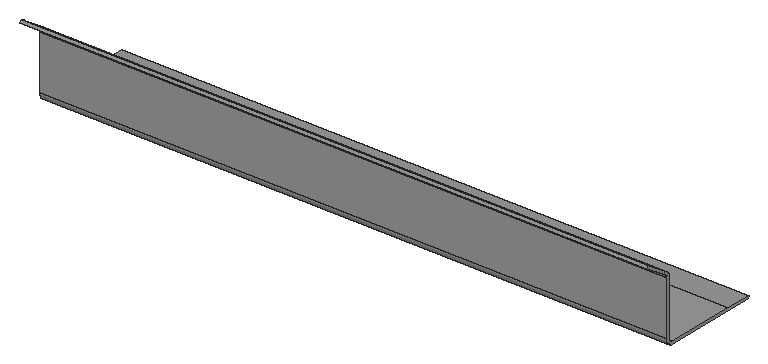
Revit family "SBK 600-900", category Generic Models, Revit 2014
Parameters (values of type "Corrosion")
  URL = "http://www.keystonelintels.co.uk"
  Structural Opening [instance] = 300 mm
  Structural Performance = "The Keystone lintel range has safe working loads as detailed in each applicable loading table in the Keystone Lintel Guide brochure. The structural performance figures within each table have been ascertained by testing in accordance with the requirements of standards BS EN 5977-2: 1983 and BS EN 845-2: 2003."
  RIBA Productor Selector = "available for Keystone Lintels Ltd from Keystone Lintels Ltd from ribaproductselector.com"
  Model = "SB/K 600-900"
  Min Length = 600 mm
  Min Clear Span = 300 mm
  Max Length = 900 mm
  Max Clear Span = 4800 mm
  Material - Stainless Steel = "Grade 304 2b 1.4307 to BS EN 10088-2. Other grades available on request: contact manufacturer."
  Material - Galvanised Steel = "To BS EN 10346: 2009. DX51D plus Z600 or grade Z275 to BS 5977-2: 1983 (BS EN 845-2: 2003)."
  Manufacturer = "Keystone"
  Manufactured Length [instance] = (roundup(Effective Length / 150 mm) * 150 mm)  # 600 mm
  Lintel height [instance] = 2100 mm
  Keynote = "F30/755"
  Fire Performance = "Keystone lintels have been subjected to a fire test (WARRES No. 101263) in accordance with BS 476-20: 1987, at Exova Warrington Fire and achieved a one hour fire performance."
  End Bearing = 150 mm
  Effective Length [instance] = Clear Opening with MIN MAX set + End Bearing * 2  # 600 mm
  Corrosion = "Keystone’s standard range of lintels are manufactured from high quality grade pre-galvanized carbon steel with a zinc coating of 600"
  Contact Tel = "+44 (0)28 8676 2184"
  Contact Email = "info@keystonelintels.co.uk"
  Clear Opening with MIN MAX set [instance] = if(Structural Opening < Min Clear Span, Min Clear Span, (if(Structural Opening > Max Clear Span, Max Clear Span, Structural Opening)))  # 300 mm
  CPD Information = "Available for Keystone Lintels Ltd from ribacpd.com"
Reference planes
  plane 1 "Center (Front/Back)": y = 0
  plane 2: z = 0
  plane 3 "Center (Left/Right)": x = 0
  plane 4: x = -300
  plane 5: x = 300
  plane 6: z = 2100
  plane 7: x = -150
  plane 8: x = 150
Forms (mm)
  Extrusion 1, solid, not visible
    sketch origin (0, 848.308, 1157.631) x (0, 1, 0) y (0, 0, 1)
      loop
        line (-693.236, 1000.08) -> (-758.243, 1000.08)
        arc (-758.243, 1000.08) -> (-761.496, 1001.427) -> (-762.843, 1004.68) r 4.6
        line (-762.843, 1004.68) -> (-762.843, 1217.08)
        arc (-762.843, 1217.08) -> (-761.496, 1220.333) -> (-758.243, 1221.68) r 4.6
        line (-758.243, 1221.68) -> (-691.243, 1221.68) -> (-691.243, 1224.18) -> (-758.243, 1224.18)
        arc (-758.243, 1224.18) -> (-763.547, 1221.983) -> (-765.743, 1216.68) r 7.5
        line (-765.743, 1216.68) -> (-765.743, 1004.68)
        arc (-765.743, 1004.68) -> (-763.547, 999.377) -> (-758.243, 997.18) r 7.5
        line (-758.243, 997.18) -> (-693.287, 997.18) -> (-668.331, 996.302) -> (-668.229, 999.2) -> (-693.236, 1000.08)
    from 0 to 250
  Extrusion 2, solid, not visible
    sketch origin (0, 837.601, 1167.042) x (0, 1, 0) y (0, 0, 1)
      loop
        line (-693.236, 999.68) -> (-758.236, 999.68)
        arc (-758.236, 999.68) -> (-761.772, 1001.144) -> (-763.236, 1004.68) r 5
        line (-763.236, 1004.68) -> (-763.236, 1216.68)
        arc (-763.236, 1216.68) -> (-761.772, 1220.215) -> (-758.236, 1221.68) r 5
        line (-758.236, 1221.68) -> (-691.236, 1221.68) -> (-691.236, 1224.18) -> (-758.236, 1224.18)
        arc (-758.236, 1224.18) -> (-763.539, 1221.983) -> (-765.736, 1216.68) r 7.5
        line (-765.736, 1216.68) -> (-765.736, 1004.68)
        arc (-765.736, 1004.68) -> (-763.539, 999.377) -> (-758.236, 997.18) r 7.5
        line (-758.236, 997.18) -> (-693.28, 997.18) -> (-668.324, 996.302) -> (-668.236, 998.801) -> (-693.236, 999.68)
    from 0 to 250
  Extrusion 3, solid, not visible
    sketch origin (0, 821.052, 1152.899) x (0, 1, 0) y (0, 0, 1)
      loop
        line (-693.236, 1000.08) -> (-758.243, 1000.08)
        arc (-758.243, 1000.08) -> (-761.496, 1001.427) -> (-762.843, 1004.68) r 4.6
        line (-762.843, 1004.68) -> (-762.843, 1217.08)
        arc (-762.843, 1217.08) -> (-761.496, 1220.333) -> (-758.243, 1221.68) r 4.6
        line (-758.243, 1221.68) -> (-691.243, 1221.68) -> (-691.243, 1224.18) -> (-758.243, 1224.18)
        arc (-758.243, 1224.18) -> (-763.547, 1221.983) -> (-765.743, 1216.68) r 7.5
        line (-765.743, 1216.68) -> (-765.743, 1004.68)
        arc (-765.743, 1004.68) -> (-763.547, 999.377) -> (-758.243, 997.18) r 7.5
        line (-758.243, 997.18) -> (-693.287, 997.18) -> (-668.331, 996.302) -> (-668.229, 999.2) -> (-693.236, 1000.08)
    from 0 to 250
  Extrusion 4, solid, not visible
    sketch origin (0, 820.552, 1172.14) x (0, 1, 0) y (0, 0, 1)
      loop
        line (-693.236, 1000.38) -> (-758.248, 1000.38)
        arc (-758.248, 1000.38) -> (-761.289, 1001.639) -> (-762.548, 1004.68) r 4.3
        line (-762.548, 1004.68) -> (-762.548, 1216.68)
        arc (-762.548, 1216.68) -> (-761.289, 1219.72) -> (-758.249, 1220.98) r 4.3
        line (-758.249, 1220.98) -> (-691.248, 1220.98) -> (-691.248, 1224.18) -> (-758.248, 1224.18)
        arc (-758.248, 1224.18) -> (-763.552, 1221.983) -> (-765.748, 1216.68) r 7.5
        line (-765.748, 1216.68) -> (-765.748, 1004.68)
        arc (-765.748, 1004.68) -> (-763.552, 999.377) -> (-758.248, 997.18) r 7.5
        line (-758.248, 997.18) -> (-693.292, 997.18) -> (-668.336, 996.302) -> (-668.224, 999.5) -> (-693.236, 1000.38)
    from 0 to 250
  Extrusion 5, solid, material "Steel"
    sketch origin (0, 754.069, -570.68) x (0, 1, 0) y (0, 0, 1)
      loop
        line (-656.595, 2669.802) -> (-656.507, 2672.301) -> (-681.507, 2673.18) -> (-746.569, 2673.18)
        arc (-746.569, 2673.18) -> (-750.105, 2674.644) -> (-751.569, 2678.18) r 5
        line (-751.569, 2678.18) -> (-751.569, 2730.977)
        arc (-751.569, 2730.977) -> (-752.19, 2733.517) -> (-753.914, 2735.483) r 5.5
        line (-753.914, 2735.483) -> (-776.031, 2750.68) -> (-777.465, 2748.632) -> (-755.341, 2733.429)
        arc (-755.341, 2733.429) -> (-754.406, 2732.358) -> (-754.069, 2730.977) r 3
        line (-754.069, 2730.977) -> (-754.069, 2678.18)
        arc (-754.069, 2678.18) -> (-751.872, 2672.877) -> (-746.569, 2670.68) r 7.5
        line (-746.569, 2670.68) -> (-681.551, 2670.68) -> (-656.595, 2669.802)
    from -300 to 300
  Extrusion 6, solid, not visible
    sketch origin (0, 803.029, 351.159) x (0, 1, 0) y (0, 0, 1)
      loop
        line (-656.595, 1069.802) -> (-656.507, 1072.301) -> (-681.507, 1073.18) -> (-746.569, 1073.18)
        arc (-746.569, 1073.18) -> (-750.105, 1074.644) -> (-751.569, 1078.18) r 5
        line (-751.569, 1078.18) -> (-751.569, 1130.977)
        arc (-751.569, 1130.977) -> (-752.19, 1133.517) -> (-753.914, 1135.483) r 5.5
        line (-753.914, 1135.483) -> (-776.031, 1150.68) -> (-777.465, 1148.632) -> (-755.341, 1133.429)
        arc (-755.341, 1133.429) -> (-754.406, 1132.358) -> (-754.069, 1130.977) r 3
        line (-754.069, 1130.977) -> (-754.069, 1078.18)
        arc (-754.069, 1078.18) -> (-751.872, 1072.877) -> (-746.569, 1070.68) r 7.5
        line (-746.569, 1070.68) -> (-681.551, 1070.68) -> (-656.595, 1069.802)
    from 0 to 250
Dimensions and locks
  equal spacing: plane 4, plane 3 "Center (Left/Right)", plane 5
  "Manufactured Length": plane 4 to plane 5
  "Lintel height": plane 6 to level
  "Structural Opening": plane 7 to plane 8
  equal spacing: plane 7, plane 3 "Center (Left/Right)", plane 8
  aligned and locked: level to plane 2
  aligned and locked: Extrusion 5 to plane 6
  aligned and locked: plane 5 to Extrusion 5
  aligned and locked: Extrusion 5 to plane 4
Automatic sketch dimensions
  Extrusion 1 sketch curve to Extrusion 1 sketch curve = 65.007 mm
  Extrusion 1 sketch curve to Extrusion 1 sketch curve = 0.879 mm
  Extrusion 1 sketch curve to Extrusion 1 sketch curve = 4.6 mm  (x2)
  Extrusion 1 sketch curve to Extrusion 1 sketch curve = 212.4 mm
  Extrusion 1 sketch curve to Extrusion 1 sketch curve = 67 mm
  Extrusion 1 sketch curve to Extrusion 1 sketch curve = 2.5 mm
  Extrusion 1 sketch curve to Extrusion 1 sketch curve = 0 mm  (x5)
  Extrusion 1 sketch curve to Extrusion 1 sketch curve = 0.4 mm
  Extrusion 1 sketch curve to Extrusion 1 sketch curve = 0.051 mm
  Extrusion 1 sketch curve to Extrusion 1 sketch curve = 0.102 mm
  Extrusion 2 sketch curve to Extrusion 2 sketch curve = 65 mm
  Extrusion 2 sketch curve to Extrusion 2 sketch curve = 0.879 mm
  Extrusion 2 sketch curve to Extrusion 2 sketch curve = 5 mm  (x2)
  Extrusion 2 sketch curve to Extrusion 2 sketch curve = 212 mm
  Extrusion 2 sketch curve to Extrusion 2 sketch curve = 67 mm
  Extrusion 2 sketch curve to Extrusion 2 sketch curve = 0.044 mm
  Extrusion 2 sketch curve to Extrusion 2 sketch curve = 0.088 mm
  Extrusion 2 sketch curve to Extrusion 2 sketch curve = 2.498 mm
  Extrusion 2 sketch curve to Extrusion 2 sketch curve = 0 mm  (x8)
  Extrusion 3 sketch curve to Extrusion 3 sketch curve = 0.102 mm
  Extrusion 3 sketch curve to Extrusion 3 sketch curve = 25.007 mm
  Extrusion 3 sketch curve to Extrusion 3 sketch curve = 2.898 mm
  Extrusion 3 sketch curve to Extrusion 3 sketch curve = 0.051 mm
  Extrusion 3 sketch curve to Extrusion 3 sketch curve = 64.956 mm
  Extrusion 3 sketch curve to Extrusion 3 sketch curve = 0 mm  (x5)
  Extrusion 3 sketch curve to Extrusion 3 sketch curve = 4.6 mm  (x2)
  Extrusion 3 sketch curve to Extrusion 3 sketch curve = 212.4 mm
  Extrusion 3 sketch curve to Extrusion 3 sketch curve = 0.4 mm
  Extrusion 3 sketch curve to Extrusion 3 sketch curve = 67 mm
  Extrusion 4 sketch curve to Extrusion 4 sketch curve = 65.012 mm
  Extrusion 4 sketch curve to Extrusion 4 sketch curve = 25.012 mm
  Extrusion 4 sketch curve to Extrusion 4 sketch curve = 0.88 mm
  Extrusion 4 sketch curve to Extrusion 4 sketch curve = 0.112 mm
  Extrusion 4 sketch curve to Extrusion 4 sketch curve = 0.056 mm
  Extrusion 4 sketch curve to Extrusion 4 sketch curve = 0 mm  (x6)
  Extrusion 4 sketch curve to Extrusion 4 sketch curve = 4.3 mm  (x2)
  Extrusion 4 sketch curve to Extrusion 4 sketch curve = 212 mm
  Extrusion 4 sketch curve to Extrusion 4 sketch curve = 67 mm
  Extrusion 5 sketch curve to Extrusion 5 sketch curve = 24.956 mm
  Extrusion 5 sketch curve to Extrusion 5 sketch curve = 0.088 mm
  Extrusion 5 sketch curve to Extrusion 5 sketch curve = 0.878 mm
  Extrusion 5 sketch curve to Extrusion 5 sketch curve = 0.044 mm
  Extrusion 5 sketch curve to Extrusion 5 sketch curve = 65.062 mm
  Extrusion 5 sketch curve to Extrusion 5 sketch curve = 0 mm  (x8)
  Extrusion 5 sketch curve to Extrusion 5 sketch curve = 5 mm
  Extrusion 5 sketch curve to Extrusion 5 sketch curve = 52.797 mm
  Extrusion 5 sketch curve to Extrusion 5 sketch curve = 3 mm
  Extrusion 5 sketch curve to Extrusion 5 sketch curve = 1.272 mm
  Extrusion 5 sketch curve to Extrusion 5 sketch curve = 1.426 mm
  Extrusion 5 sketch curve to Extrusion 5 sketch curve = 22.117 mm
  Extrusion 5 sketch curve to Extrusion 5 sketch curve = 15.197 mm
  Extrusion 5 sketch curve to Extrusion 5 sketch curve = 1.434 mm
  Extrusion 5 sketch curve to Extrusion 5 sketch curve = 2.048 mm
  Extrusion 6 sketch curve to Extrusion 6 sketch curve = 24.956 mm
  Extrusion 6 sketch curve to Extrusion 6 sketch curve = 0.088 mm
  Extrusion 6 sketch curve to Extrusion 6 sketch curve = 0.878 mm
  Extrusion 6 sketch curve to Extrusion 6 sketch curve = 0.044 mm
  Extrusion 6 sketch curve to Extrusion 6 sketch curve = 65.062 mm
  Extrusion 6 sketch curve to Extrusion 6 sketch curve = 0 mm  (x8)
  Extrusion 6 sketch curve to Extrusion 6 sketch curve = 5 mm
  Extrusion 6 sketch curve to Extrusion 6 sketch curve = 52.797 mm
  Extrusion 6 sketch curve to Extrusion 6 sketch curve = 3 mm
  Extrusion 6 sketch curve to Extrusion 6 sketch curve = 1.272 mm
  Extrusion 6 sketch curve to Extrusion 6 sketch curve = 1.426 mm
  Extrusion 6 sketch curve to Extrusion 6 sketch curve = 22.117 mm
  Extrusion 6 sketch curve to Extrusion 6 sketch curve = 15.197 mm
  Extrusion 6 sketch curve to Extrusion 6 sketch curve = 1.434 mm
  Extrusion 6 sketch curve to Extrusion 6 sketch curve = 2.048 mm
  Extrusion 5 sketch curve to plane 1 "Center (Front/Back)" = 0 mm
  Extrusion 5 sketch curve to plane 6 = 0 mm
